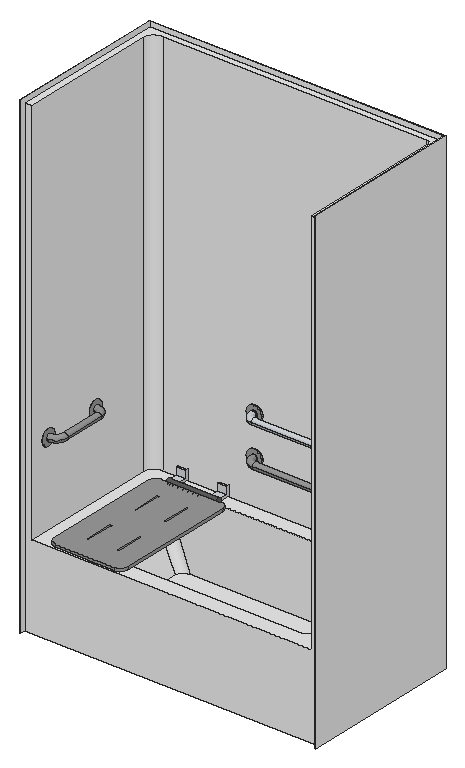
Revit family "XSTS6032A17", category Plumbing Fixtures, Revit 2017
Family settings
  Round Connector Dimension = Use Diameter
  Part Type = Normal
  OmniClass Number = 23.45.05.14.17
  OmniClass Title = Showers
  Work Plane-Based = No
  Always vertical = Yes
  Cut with Voids When Loaded = No
  Shared = No
  Room Calculation Point = No
Parameters (values of type "XB3TS6032A17.V2")
  Unit Width = 60"
  Unit Height = 97"
  URL = "http://www.bestbath.com"
  Type Comments = "ADA Compliant"
  Threshold Height = 17"
  Model = "XB3TS6032A17.V2"
  Material [instance] = Best Bath Gelcoat Fiberglass - Smooth
  Manufacturer = "best bath"
  Keynote = "22 40 00.D3"
  Description = "Smooth Wall Finish"
  Assembly Code = "D2010700"
Reference planes (in)
  plane 1 "Back": y = -1
  plane 2: z = 0
  plane 3 "Left": x = 0
  plane 4: x = 60
  plane 5: y = -33
  plane 6: z = 96
  plane 7: z = 97
  plane 8: x = 52
  plane 9: z = 17
  plane 10: y = -17
  plane 11: y = -2.5
  plane 12: x = 10
  plane 13: x = 53.5
  plane 14: y = -5.5
  plane 15: y = -28
  plane 16: y = -5.5
  plane 17: y = -30
  plane 18: x = 3.5
  plane 19: x = 56
  plane 20: z = 26
  plane 21: z = 34
  plane 22: z = 39
  plane 23: y = -34
Forms (in)
  Extrusion 1, solid, material "Best Bath Gelcoat Fiberglass - Smooth"
    sketch origin (0, 0, 0) x (1, 0, 0) y (0, 1, 0)
      loop
        line (58.5, -33) -> (60, -33) -> (60, -1) -> (0, -1) -> (0, -33) -> (1.5, -33) -> (1.5, -4.75)
        arc (1.5, -4.75) -> (2.15901, -3.15901) -> (3.75, -2.5) r 2.25
        line (3.75, -2.5) -> (57.25, -2.5)
        arc (57.25, -2.5) -> (58.13388, -2.86612) -> (58.5, -3.75) r 1.25
        line (58.5, -3.75) -> (58.5, -33)
    from 0 to 96
  Extrusion 2, solid, material "Best Bath Gelcoat Fiberglass - Smooth"
    sketch origin (0, 0, 0) x (1, 0, 0) y (0, 1, 0)
      loop
        line (0, -33) -> (60, -33) -> (60, -1) -> (0, -1) -> (0, -33)
      loop
        circle (52, -17) r 1
    from 0 to 17
  Blend 3, void
    base sketch origin (0, 0, 0) x (1, 0, 0) y (0, 1, 0)
      loop
        arc (11.65, -5.5) -> (10.48327, -5.98327) -> (10, -7.15) r 1.65
        line (10, -7.15) -> (10, -25.75)
        arc (10, -25.75) -> (10.65901, -27.34099) -> (12.25, -28) r 2.25
        line (12.25, -28) -> (51.25, -28)
        arc (51.25, -28) -> (52.84099, -27.34099) -> (53.5, -25.75) r 2.25
        line (53.5, -25.75) -> (53.5, -7.15)
        arc (53.5, -7.15) -> (53.01673, -5.98327) -> (51.85, -5.5) r 1.65
        line (51.85, -5.5) -> (11.65, -5.5)
    top sketch origin (0, 0, 0) x (1, 0, 0) y (0, 1, 0)
      loop
        arc (5.75, -5.5) -> (4.15901, -6.15901) -> (3.5, -7.75) r 2.25
        line (3.5, -7.75) -> (3.5, -27.75)
        arc (3.5, -27.75) -> (4.15901, -29.34099) -> (5.75, -30) r 2.25
        line (5.75, -30) -> (53.75, -30)
        arc (53.75, -30) -> (55.34099, -29.34099) -> (56, -27.75) r 2.25
        line (56, -27.75) -> (56, -7.75)
        arc (56, -7.75) -> (55.34099, -6.15901) -> (53.75, -5.5) r 2.25
        line (53.75, -5.5) -> (5.75, -5.5)
    from 2.23617 to 18
  Extrusion 4, solid, material "Best Bath Gelcoat Fiberglass - Smooth"
    sketch origin (0, 0, 0) x (1, 0, 0) y (0, 1, 0)
      loop
        line (0, -34) -> (0.125, -34) -> (0.125, -1.125) -> (59.875, -1.125) -> (59.875, -34) -> (60, -34) -> (60, -1) -> (0, -1) -> (0, -34)
    from 0 to 97
Cuts and joins
  Blend 3 cuts Extrusion 2
  joined: Extrusion 1, Extrusion 2, Extrusion 4
Dimensions and locks (in)
  "Unit Width": plane 3 "Left" to plane 4
  locked: plane 7 to plane 6 at 1
  "Unit Height": plane 7 to level
  plane 3 "Left" to plane 8 to plane 4 = 52", 8"
  plane 10 to plane 1 "Back" = 16"
  locked: plane 13 to plane 4 at 6.5
  locked: plane 15 to plane 5 at 5
  locked: plane 3 "Left" to plane 12 at 10
  Extrusion 1 to plane 14 = 4 1/2"
  locked: plane 16 to plane 1 "Back" at 4.5
  locked: plane 17 to plane 5 at 3
  locked: plane 19 to plane 4 at 4
  locked: plane 3 "Left" to plane 18 at 3.5
  "Threshold Height": plane 9 to level
  plane 20 to plane 9 = 9"
  plane 21 to plane 9 = 17"
  plane 22 to plane 9 = 22"
  locked: plane 5 to plane 23 at 1
  locked: plane 23 to plane 1 "Back" at 33
  locked: plane 11 to plane 1 "Back" at 1.5
  radius of Blend 3 sketch curve = 1.65"  (x2)
  radius of Blend 3 sketch curve = 2 1/4"  (x2)
  aligned and locked: level to plane 2
  aligned and locked: plane 6 to Extrusion 1
  aligned and locked: Extrusion 1 sketch curve to plane 4
  aligned and locked: plane 5 to Extrusion 1 sketch curve
  aligned and locked: Extrusion 1 sketch curve to plane 5
  aligned and locked: Extrusion 2 sketch curve to Extrusion 1  (x3)
  aligned and locked: Extrusion 2 sketch curve to plane 1 "Back"
  aligned and locked: plane 10 to Extrusion 2 sketch curve
  aligned and locked: plane 8 to Extrusion 2 sketch curve
  aligned and locked: plane 15 to Blend 3 sketch curve
  aligned and locked: Blend 3 sketch curve to plane 14
  aligned and locked: Blend 3 sketch curve to plane 13
  aligned and locked: plane 12 to Blend 3 sketch curve
  aligned and locked: plane 18 to Blend 3 sketch curve
  aligned and locked: Blend 3 sketch curve to plane 19
  aligned and locked: plane 17 to Blend 3 sketch curve
  aligned and locked: Blend 3 sketch curve to plane 16
  aligned and locked: plane 9 to cut or joined group of Extrusion 1, Extrusion 2, Blend 3, Extrusion 4
  aligned and locked: nested 1 to plane 21
  aligned and locked: plane 20 to nested 3
  aligned and locked: plane 22 to nested 4
  aligned and locked: cut or joined group of Extrusion 1, Extrusion 2, Blend 3, Extrusion 4 to plane 11
  aligned and locked: cut or joined group of Extrusion 1, Extrusion 2, Blend 3, Extrusion 4 to plane 5
  aligned and locked: cut or joined group of Extrusion 1, Extrusion 2, Blend 3, Extrusion 4 to plane 1 "Back"
  aligned and locked: plane 7 to Extrusion 4
Automatic sketch dimensions
  plane 18 to Blend 3 sketch curve = 2 1/4"  (x2)
  plane 17 to Blend 3 sketch curve = 2 1/4"
  Blend 3 sketch curve to plane 19 = 2 1/4"
  Extrusion 1 sketch curve to plane 3 "Left" = 0"
  Extrusion 1 sketch curve to plane 11 = 0"
  plane 1 "Back" to Extrusion 1 sketch curve = 0"
  plane 3 "Left" to Extrusion 1 sketch curve = 1 1/2"
  Extrusion 1 sketch curve to Extrusion 1 sketch curve = 2 1/4"
  Extrusion 1 sketch curve to plane 8 = 5 1/4"
  plane 4 to Extrusion 1 sketch curve = 1 1/2"
  Extrusion 4 sketch curve to plane 3 "Left" = 0"
  Extrusion 4 sketch curve to plane 23 = 0"  (x2)
  Extrusion 4 sketch curve to plane 4 = 0"
  plane 3 "Left" to Extrusion 4 sketch curve = 1/8"
  Extrusion 4 sketch curve to Extrusion 4 sketch curve = 1/8"
  plane 1 "Back" to Extrusion 4 sketch curve = 1/8"
  plane 1 "Back" to Extrusion 4 sketch curve = 0"
  radius of Extrusion 2 sketch curve = 1"
Nested families (in)
  nested 1: "Grab Bar - L shape" at (58.5, -2.5, -2.97512) x (-1, 0, 0) z (0, 0, 1), type "27" x 36" x 1.25""
    with Double Anchor Bar Length 36"
  nested 2: "Grab Bar - horiz" at (1.5, -29, -0.625) x (0, 1, 0) z (0, 0, 1), type "12" x 1.25""
  nested 3: "Grab Bar - horiz" at (22.5, -2.5, -8.625), type "24" x 1.25""
    with Grab Bar Size 24"
  nested 4: "Grab Bar - vertical" at (58.5, -29, -0.625) x (0, -1, 0) z (0, 0, 1), type "18" x 1.25""
  nested 5: "ADA Shower Seat" at (21.75, -19, -1.125) x (0, -1, 0) z (0, 0, 1), type "SE3015PHSO"
Definition of nested family "Grab Bar - L shape"
  Parameters
    Single Anchor Bar Length = 27"
    Mounting Height = 39"
    URL = "http://seachrome.com/"
    Threshold Height = 2.02488"
    Model = "GB2748QSS"
    Manufacturer = "Seachrome Corp."
    Keynote = "10 28 00.C1"
    Double Anchor Bar Length = 48"
    Description = "27\" x 48\" x 1.25\" L Grab Bar"
    Assembly Code = "C1030200"
  Reference planes (in)
    plane 1 "Center (Front/Back)": y = 0
    plane 2: z = 0
    plane 3 "Center (Left/Right)": x = 0
    plane 4: z = 36.97512
    plane 5: z = -2.02488
    plane 6: y = -2.125
    plane 7: x = 2.125
    plane 8: x = 6
    plane 9: x = 48
    plane 10: y = -27
  Forms (in)
    Extrusion 1, solid
      sketch origin (0, 0, 0) x (1, 0, 0) y (0, 0, 1)
        loop
          circle (6, 36.97512) r 1.5625
        loop
          circle (48, 36.97512) r 1.5625
      from 0 to 0.25
    Extrusion 2, solid
      sketch origin (0, 0, 0) x (0, 1, 0) y (0, 0, 1)
        loop
          circle (-27, 36.97512) r 1.5
      from 0 to 0.25
    Sweep 3, solid
      path origin (0, 0, 0) x (1, 0, 0) y (0, 1, 0)
        loop
          line (0.25, -27) -> (0.625, -27)
          arc (0.625, -27) -> (1.68566, -26.56066) -> (2.125, -25.5) r 1.5
          line (2.125, -25.5) -> (2.125, -3.625)
          arc (2.125, -3.625) -> (2.56434, -2.56434) -> (3.625, -2.125) r 1.5
          line (3.625, -2.125) -> (46.5, -2.125)
          arc (46.5, -2.125) -> (47.56066, -1.68566) -> (48, -0.625) r 1.5
          line (48, -0.625) -> (48, -0.25)
      profile origin (0.4375, -27, 0) x (0, 1, 0) y (0, 0, 1)
        loop
          circle (0, 36.98831) r 0.625
    Sweep 4, solid
      path origin (0, 0, 0) x (1, 0, 0) y (0, 1, 0)
        loop
          line (6, -0.25) -> (6, -2.125)
      profile origin (6, -1.1875, 0) x (1, 0, 0) y (0, 0, 1)
        loop
          circle (0, 36.98831) r 0.62
  Dimensions and locks (in)
    "Threshold Height": level to plane 5
    "Mounting Height": plane 4 to plane 5
    locked: plane 3 "Center (Left/Right)" to plane 7 at 2.125
    locked: plane 3 "Center (Left/Right)" to plane 8 at 6
    locked: plane 6 to plane 1 "Center (Front/Back)" at 2.125
    "Double Anchor Bar Length": plane 3 "Center (Left/Right)" to plane 9
    "Single Anchor Bar Length": plane 10 to plane 1 "Center (Front/Back)"
    plane 4 to plane 5 = 39"
    level to plane 5 = 2.02488"
    aligned and locked: level to plane 2
    aligned and locked: plane 8 to Extrusion 1 sketch curve
    aligned and locked: plane 4 to Extrusion 1 sketch curve
    aligned and locked: plane 9 to Extrusion 1 sketch curve
    aligned and locked: plane 10 to Extrusion 2 sketch curve
    aligned and locked: plane 4 to Extrusion 2 sketch curve
  Automatic sketch dimensions
    Extrusion 1 sketch curve to plane 4 = 0"
    Sweep 3 sketch curve to plane 10 = 0"
    Sweep 3 sketch curve to plane 7 = 0"
    Sweep 3 sketch curve to plane 6 = 0"
    Sweep 3 sketch curve to plane 9 = 0"
    plane 3 "Center (Left/Right)" to Sweep 3 sketch curve = 5/8"
    Sweep 3 sketch curve to plane 6 = 1 1/2"
    plane 1 "Center (Front/Back)" to Sweep 3 sketch curve = 5/8"
    plane 3 "Center (Left/Right)" to Sweep 3 sketch curve = 1/4"
    plane 1 "Center (Front/Back)" to Sweep 3 sketch curve = 1/4"
    Sweep 3 sketch curve to profile plane = 0"
    level to Sweep 3 sketch curve = 36.98831"
    Sweep 4 sketch curve to plane 6 = 0"
    Sweep 4 sketch curve to plane 8 = 0"
    plane 1 "Center (Front/Back)" to Sweep 4 sketch curve = 1/4"
    profile plane to Sweep 4 sketch curve = 0"
    level to Sweep 4 sketch curve = 36.98831"
    radius of Extrusion 1 sketch curve = 1 9/16"  (x2)
    radius of Extrusion 2 sketch curve = 1 1/2"
    radius of Sweep 3 sketch curve = 5/8"
    radius of Sweep 4 sketch curve = 0.62"
Definition of nested family "Grab Bar - horiz"
  Parameters
    Grab Bar Size = 12"
    URL = "http://seachrome.com/"
    Threshold Height = 5/8"
    Mounting Height = 34"
    Model = "GB12QSS"
    Manufacturer = "Seachrome Corp."
    Keynote = "10 28 00.C1"
    Description = "18\" x 1.25\" grab bar"
    Assembly Code = "C1030200"
  Reference planes (in)
    plane 1 "Center (Front/Back)": y = 0
    plane 2: z = 0
    plane 3 "Center (Left/Right)": x = 0
    plane 4: z = 34.625
    plane 5: z = 0.625
    plane 6: x = 12
  Forms (in)
    Extrusion 1, solid
      sketch origin (0, 0, 0) x (1, 0, 0) y (0, 0, 1)
        loop
          circle (0, 34.625) r 1.5625
        loop
          circle (12, 34.625) r 1.5625
      from 0 to 0.25
    Sweep 2, solid
      path origin (0, 0, 0) x (1, 0, 0) y (0, 1, 0)
        loop
          line (0, -0.25) -> (0, -0.375)
          arc (0, -0.375) -> (0.51256, -1.61244) -> (1.75, -2.125) r 1.75
          line (1.75, -2.125) -> (10.25, -2.125)
          arc (10.25, -2.125) -> (11.48744, -1.61244) -> (12, -0.375) r 1.75
          line (12, -0.375) -> (12, -0.25)
      profile origin (6, -2.125, 0) x (0, 1, 0) y (0, 0, 1)
        loop
          circle (0, 34.625) r 0.625
  Dimensions and locks (in)
    "Threshold Height": plane 5 to level
    "Mounting Height": plane 4 to plane 5
    "Grab Bar Size": plane 6 to plane 3 "Center (Left/Right)"
    Sweep 2 sketch curve to plane 1 "Center (Front/Back)" = 2 1/8"
    aligned and locked: level to plane 2
  Automatic sketch dimensions
    Extrusion 1 sketch curve to plane 3 "Center (Left/Right)" = 0"
    Extrusion 1 sketch curve to plane 4 = 0"  (x2)
    Extrusion 1 sketch curve to plane 6 = 0"
    Sweep 2 sketch curve to plane 3 "Center (Left/Right)" = 0"
    plane 1 "Center (Front/Back)" to Sweep 2 sketch curve = 3/8"
    Sweep 2 sketch curve to plane 6 = 0"
    Sweep 2 sketch curve to plane 6 = 1 3/4"
    Sweep 2 sketch curve to Sweep 2 sketch curve = 1/8"  (x2)
    Sweep 2 sketch curve to profile plane = 0"
    level to Sweep 2 sketch curve = 34 5/8"
    radius of Extrusion 1 sketch curve = 1 9/16"  (x2)
    radius of Sweep 2 sketch curve = 5/8"
Definition of nested family "Grab Bar - vertical"
  Parameters
    Wall Clearance = 2 1/8"
    Mounting Height = 39"
    Grab Bar Size = 18"
    URL = "http://seachrome.com/"
    Threshold Height = 5/8"
    Model = "GB18QSS"
    Manufacturer = "Seachrome Corp."
    Keynote = "10 28 00.C1"
    Description = "18\" x 1.25\" grab bar"
    Assembly Code = "C1030200"
  Reference planes (in)
    plane 1 "Center (Front/Back)": y = 0
    plane 2: z = 0
    plane 3 "Center (Left/Right)": x = 0
    plane 4: z = 39.625
    plane 5: z = 57.625
    plane 6: z = 0.625
  Forms (in)
    Sweep 1, solid
      path origin (0, 0, 0) x (0, 1, 0) y (0, 0, 1)
        loop
          line (-0.25, 39.625) -> (-0.375, 39.625)
          arc (-0.375, 39.625) -> (-1.61244, 40.13756) -> (-2.125, 41.375) r 1.75
          line (-2.125, 41.375) -> (-2.125, 55.875)
          arc (-2.125, 55.875) -> (-1.61244, 57.11244) -> (-0.375, 57.625) r 1.75
          line (-0.375, 57.625) -> (-0.25, 57.625)
      profile origin (0, -0.3125, 39.625) x (0, 0, -1) y (1, 0, 0)
        loop
          circle (0, 0) r 0.625
    Extrusion 2, solid
      sketch origin (0, 0, 0) x (1, 0, 0) y (0, 0, 1)
        loop
          circle (0, 39.625) r 1.5625
        loop
          circle (0, 57.625) r 1.5625
      from 0 to 0.25
  Dimensions and locks (in)
    "Grab Bar Size": plane 5 to plane 4
    Extrusion 2 to Sweep 1 sketch curve = 1 7/8"
    "Threshold Height": plane 6 to level
    "Mounting Height": plane 4 to plane 6
    aligned and locked: level to plane 2
    aligned and locked: plane 5 to Sweep 1 sketch curve
    aligned and locked: Sweep 1 sketch curve to plane 4
  Automatic sketch dimensions
    Sweep 1 sketch curve to plane 3 "Center (Left/Right)" = 0"
    Sweep 1 sketch curve to profile plane = 0"
    Extrusion 2 sketch curve to plane 3 "Center (Left/Right)" = 0"  (x2)
    Extrusion 2 sketch curve to plane 4 = 0"
    Extrusion 2 sketch curve to plane 5 = 0"
    Sweep 1 sketch curve to plane 5 = 1 3/4"
    plane 1 "Center (Front/Back)" to Sweep 1 sketch curve = 1/4"
    Sweep 1 sketch curve to Sweep 1 sketch curve = 1/8"
    Sweep 1 sketch curve to plane 5 = 0"
    plane 4 to Sweep 1 sketch curve = 1 3/4"
    radius of Sweep 1 sketch curve = 5/8"
    radius of Extrusion 2 sketch curve = 1 9/16"  (x2)
Definition of nested family "ADA Shower Seat"
  Parameters
    URL = "http://seachrome.com/"
    Seat Width = 27"
    Seat Height = 18"
    Seat Depth = 15"
    Model = "SE3015PHSO"
    Manufacturer = "Seachrome"
    Keynote = "22 40 00.B7"
    Description = "32\" x 16\" fold down seat with swing-down legs, phenolic"
    Assembly Code = "C1030200"
  Reference planes (in)
    plane 1 "Center (Front/Back)": y = 0
    plane 2: z = 0
    plane 3 "Center (Left/Right)": x = 0
    plane 4: x = 13.5
    plane 5: x = -13.5
    plane 6: y = -2.25
    plane 7: y = -17.25
    plane 8: z = 18.125
    plane 9: z = 18.625
    plane 10: y = -9.75
    plane 11: x = 12.5
    plane 12: x = -12.5
    plane 13: z = 3.125
    plane 14: x = -8.75
    plane 15: x = 8.75
    plane 16: z = 14.875
    plane 17: y = -14.875
    plane 18: y = -4.625
    plane 19: z = 0.625
    plane 20: x = -3.25
    plane 21: x = 3.25
  Forms (in)
    Extrusion 1, solid
      sketch origin (0, 0, 0) x (1, 0, 0) y (0, 1, 0)
        loop
          line (12, -2.25) -> (-12, -2.25)
          arc (-12, -2.25) -> (-13.06066, -2.68934) -> (-13.5, -3.75) r 1.5
          line (-13.5, -3.75) -> (-13.5, -15.75)
          arc (-13.5, -15.75) -> (-13.06066, -16.81066) -> (-12, -17.25) r 1.5
          line (-12, -17.25) -> (12, -17.25)
          arc (12, -17.25) -> (13.06066, -16.81066) -> (13.5, -15.75) r 1.5
          line (13.5, -15.75) -> (13.5, -3.75)
          arc (13.5, -3.75) -> (13.06066, -2.68934) -> (12, -2.25) r 1.5
        loop
          line (3.25, -12.5968) -> (3.25, -12.92762) -> (8.75, -12.92762) -> (8.75, -12.5968) -> (3.25, -12.5968)
        loop
          line (-3.25, -12.5968) -> (-8.75, -12.5968) -> (-8.75, -12.92762) -> (-3.25, -12.92762) -> (-3.25, -12.5968)
        loop
          line (3.25, -6.93984) -> (8.75, -6.93984) -> (8.75, -6.60902) -> (3.25, -6.60902) -> (3.25, -6.93984)
        loop
          line (-3.25, -6.93984) -> (-3.25, -6.60902) -> (-8.75, -6.60902) -> (-8.75, -6.93984) -> (-3.25, -6.93984)
      from 18.125 to 18.625
    Extrusion 2, solid
      sketch origin (0, 0, 0) x (1, 0, 0) y (0, 0, 1)
        loop
          circle (-14.05099, 18.375) r 0.5
      from 4.625 to 14.875
    Extrusion 3, solid
      sketch origin (0, 0, 0) x (1, 0, 0) y (0, 0, 1)
        loop
          line (-14.55262, 18.125) -> (-14.55262, 18.625) -> (-16.05262, 18.625) -> (-16.05262, 20.125) -> (-16.55262, 20.125) -> (-16.55262, 18.125) -> (-14.55262, 18.125)
      from 4.625 to 14.875
    Extrusion 4, void
      sketch origin (0, 0, 0) x (1, 0, 0) y (0, 0, 1)
        loop
          line (-18.81546, 20.96567) -> (-18.81546, 16.96567) -> (-14.55262, 16.96567) -> (-14.55262, 20.96567) -> (-18.81546, 20.96567)
      from 6.48402 to 12.92762
  Cuts and joins
    Extrusion 4 cuts Extrusion 3
  Dimensions and locks (in)
    equal spacing: plane 5, plane 3 "Center (Left/Right)", plane 4
    "Seat Width": plane 5 to plane 4
    "Seat Depth": plane 7 to plane 6
    plane 6 to plane 1 "Center (Front/Back)" = 2 1/4"
    locked: plane 9 to plane 8 at 0.5
    equal spacing: plane 7, plane 10, plane 6
    equal spacing: plane 11, plane 3 "Center (Left/Right)", plane 12
    equal spacing: plane 14, plane 3 "Center (Left/Right)", plane 15
    locked: plane 19 to level at 0.625
    "Seat Height": plane 9 to plane 19
    plane 18 to plane 17 = 10 1/4"
    equal spacing: plane 18, plane 10, plane 17
    plane 14 to plane 20 = 5 1/2"
    plane 21 to plane 15 = 5 1/2"
    aligned and locked: plane 2 to level
    aligned and locked: Extrusion 1 sketch curve to plane 6
    aligned and locked: plane 4 to Extrusion 1 sketch curve
    aligned and locked: plane 9 to Extrusion 1
    aligned and locked: Extrusion 1 to plane 8
    aligned and locked: Extrusion 2 to plane 17
    aligned and locked: plane 18 to Extrusion 2
    aligned and locked: Extrusion 1 sketch curve to plane 14
    aligned and locked: plane 14 to Extrusion 1 sketch curve
    aligned and locked: Extrusion 1 sketch curve to plane 15
    aligned and locked: Extrusion 1 sketch curve to plane 20
    aligned and locked: plane 20 to Extrusion 1 sketch curve
    aligned and locked: Extrusion 1 sketch curve to plane 21
    aligned and locked: plane 21 to Extrusion 1 sketch curve
    aligned and locked: Extrusion 3 to Extrusion 2
    aligned and locked: Extrusion 2 to Extrusion 3
  Automatic sketch dimensions
    plane 8 to Extrusion 2 sketch curve = 1/4"
    Extrusion 2 sketch curve to plane 5 = 0.55099"
    Extrusion 3 sketch curve to plane 8 = 0"
    Extrusion 3 sketch curve to plane 9 = 0"
    Extrusion 3 sketch curve to plane 5 = 2.55262"
    Extrusion 3 sketch curve to plane 5 = 1.05262"
    Extrusion 3 sketch curve to Extrusion 3 sketch curve = 1 1/2"
    Extrusion 3 sketch curve to Extrusion 3 sketch curve = 1/2"
    Extrusion 4 sketch curve to plane 8 = 1.15933"
    Extrusion 4 sketch curve to plane 5 = 5.31546"
    Extrusion 4 sketch curve to plane 5 = 1.05262"
    plane 9 to Extrusion 4 sketch curve = 2.34067"
    Extrusion 1 sketch curve to plane 5 = 0"
    plane 7 to Extrusion 1 sketch curve = 0"
    Extrusion 1 sketch curve to plane 15 = 0"
    plane 12 to Extrusion 1 sketch curve = 1/2"  (x2)
    Extrusion 1 sketch curve to plane 11 = 1/2"  (x2)
    Extrusion 1 sketch curve to Extrusion 1 sketch curve = 0.33082"  (x4)
    Extrusion 1 sketch curve to plane 18 = 2.31484"  (x2)
    plane 17 to Extrusion 1 sketch curve = 1.94738"  (x2)
    radius of Extrusion 2 sketch curve = 1/2"
